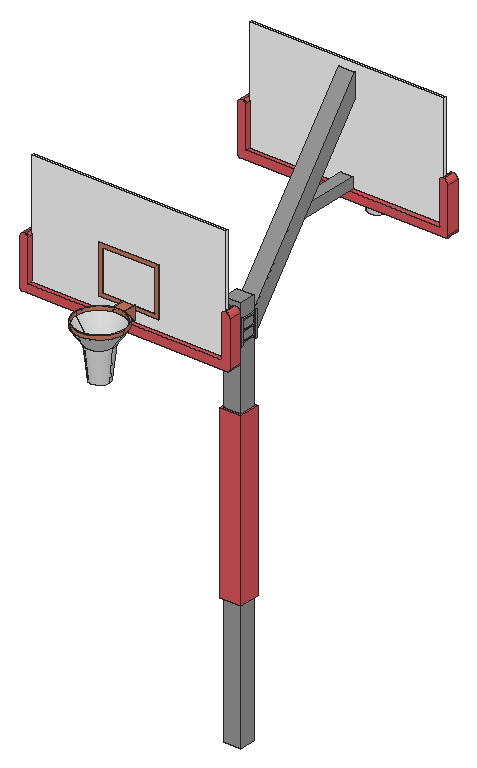
Revit family "Basketball_Backstop-Outdoor-Ultimate_Fixed_Height-IPIbyBison-BA871-72", category Specialty Equipment, Revit 2023
Family settings
  Round Connector Dimension = Use Diameter
  Part Type = Normal
  OmniClass Number = 23.40.50.34.14
  OmniClass Title = Gymnasium Equipment
  Work Plane-Based = No
  Enable Cutting in Views = No
  Always vertical = Yes
  Cut with Voids When Loaded = No
  Maintain Annotation Orientation = No
  Shared = No
  Room Calculation Point = No
Parameters (values of type "BA872XL-BK")
  padding color [instance] = Plastic - IPI by Bison - Scarlet SC
  URL = "https://ipibybison.com/"
  Specification = "https://www.arcat.com/company/ipi-by-bison-38554/spec"
  Product Page URL = "https://www.arcat.com/arcatcos/cos38/arc38554.html"
  Post Height = 8' - 4"
  Post Square Width = 0' - 6"
  Post Material = Steel - Galvanized - Hot Dipped
  Padding Color [instance] = Plastic - IPI by Bison - Scarlet SC
  Padding = Plastic - IPI by Bison - Scarlet SC
  Model = "BA872XL-BK"
  Manufacturer = "IPI by Bison"
  Keynote = "11 66 00"
  Hoop Finish = Powder Coat - IPI by Bison - Outdoor Orange
  Hoop Elevation = 10' - 0"
  Embedding Depth = 4' - 0"
  Double Sided = yes
  Description = "Outdoor Basketball Frame and Backboard Systems"
  Default Elevation = 0' - 0"
  Copyright = "© 2023 ARCAT"  # constant formula
  Category = ""
  CAD Details = "https://www.arcat.com/company/ipi-by-bison-38554/cad"
  Basket Type = "BA39U"
  Basket Netting = Finish - IPI by Bison - White Netting
  Backboard Length = 6' - 0"
  Backboard Height = 3' - 6"
  Backboard Finish = Powder Coat - White
Types (8): name | Padding | Model | Double Sided | Basket Type | Backboard Length
  BA871A-BK | Padding - Black | "BA871A-BK" | no | "BA39U" | 5' - 0"
  BA871A-GV | Plastic - IPI by Bison - Scarlet SC | "BA871A-GV" | no | "BA39U-GV" | 5' - 0"
  BA871-BK | Plastic - IPI by Bison - Scarlet SC | "BA871-BK" | no | "BA39U" | 5' - 0"
  BA872-BK | Plastic - IPI by Bison - Scarlet SC | "BA872-BK" | yes | "BA39U" | 5' - 0"
  BA871XL-BK | Plastic - IPI by Bison - Scarlet SC | "BA871XL-BK" | no | "BA39U" | 6' - 0"
  BA872-GV | Plastic - IPI by Bison - Scarlet SC | "BA872-GV" | yes | "BA39U" | 5' - 0"
  BA872A-BK | Plastic - IPI by Bison - Scarlet SC | "BA872A-BK" | yes | "BA39U" | 5' - 0"
  BA872XL-BK | Plastic - IPI by Bison - Scarlet SC | "BA872XL-BK" | yes | "BA39U" | 6' - 0"
Reference planes (in)
  plane 1 "Center (Front/Back)": y = 0
  plane 2 "Bottom": z = 0
  plane 3 "Center (Left/Right)": x = 0
  plane 4: x = -3
  plane 5: x = 3
  plane 6 "Back": y = 3
  plane 7: y = -3
  plane 8: y = -51
  plane 9: y = -50
  plane 10 "Left": x = -36
  plane 11 "Right": x = 36
  plane 12: z = 114.5
  plane 13: z = 120
  plane 14 "Top": z = 156.5
  plane 15: y = -51.0625
  plane 16: z = 116.75
  plane 17: y = -31.25
  plane 18: y = -33.25
  plane 19: z = -48
  plane 20: z = 100
  plane 21: z = 94.54174
  plane 22: z = 90.80259
  plane 23: z = 87.06343
  plane 24: x = -3.5
  plane 25: x = 3.5
  plane 26 "Board Center": y = -50.5
  plane 27 "Board Center 2": y = 50.5
Forms (in)
  Extrusion 1, solid, material "Powder Coat - IPI by Bison - Outdoor Orange" <- "Hoop Finish"
    sketch origin (0, 0, 0) x (1, 0, 0) y (0, 0, 1)
      loop
        line (-11.25, 118.5) -> (-2.25, 118.5) -> (-2.25, 120) -> (-9.75, 120) -> (-9.75, 135) -> (9.75, 135) -> (9.75, 120) -> (2.25, 120) -> (2.25, 118.5) -> (11.25, 118.5) -> (11.25, 136.5) -> (-11.25, 136.5) -> (-11.25, 118.5)
    from 51 to 51.0625
  Extrusion 2, solid, material "Steel - Galvanized - Hot Dipped" <- "Post Material"
    sketch origin (0, 0, 0) x (1, 0, 0) y (0, 1, 0)
      loop
        line (-3, 3) -> (-3, -3) -> (3, -3) -> (3, 3) -> (-3, 3)
    from -48 to 100
  Extrusion 3, solid, material "Steel - Galvanized - Hot Dipped" <- "Post Material"
    sketch origin (0, 0, 0) x (0, 1, 0) y (0, 0, 1)
      loop
        line (-3, 95.55319) -> (-3.5, 95.55319) -> (-3.5, 86.05198) -> (-3, 86.05198) -> (-3, 95.55319)
      loop
        line (3, 95.55319) -> (3, 86.05198) -> (3.5, 86.05198) -> (3.5, 95.55319) -> (3, 95.55319)
    from -4 to 4
  Extrusion 4, solid, material "Steel - Galvanized - Hot Dipped" <- "Post Material"
    sketch origin (0, 0, 0) x (1, 0, 0) y (0, 0, 1)
      loop
        circle (-3.5, 94.54174) r 0.25
      loop
        circle (-3.5, 87.06343) r 0.25
      loop
        circle (-3.5, 90.80259) r 0.25
      loop
        circle (3.5, 94.54174) r 0.25
      loop
        circle (3.5, 87.06343) r 0.25
      loop
        circle (3.5, 90.80259) r 0.25
    from -3 to 3
  Extrusion 5, solid, material "Plastic - IPI by Bison - Scarlet SC" <- "Padding Color"
    sketch origin (0, 0, 0) x (1, 0, 0) y (0, 1, 0)
      loop
        line (-3, 3) -> (-3, -3) -> (3, -3) -> (3, 3) -> (-3, 3)
      loop
        line (4, 4) -> (-4, 4) -> (-4, -4) -> (4, -4) -> (4, 4)
    from 0 to 63.25
  Extrusion 6, solid, material "Plastic - IPI by Bison - Scarlet SC" <- "padding color"
    sketch origin (0, -50.5, -2.66507) x (-1, 0, 0) y (0, 0, 1)
      loop
        arc (37, 133.52297) -> (36.29289, 133.23008) -> (36, 132.52297) r 1
        line (36, 132.52297) -> (36, 117.16432) -> (-36, 117.16432) -> (-36, 132.52297)
        arc (-36, 132.52297) -> (-36.29289, 133.23008) -> (-37, 133.52297) r 1
        line (-37, 133.52297) -> (-37.27835, 133.52297)
        arc (-37.27835, 133.52297) -> (-38.51579, 133.01041) -> (-39.02835, 131.77297) r 1.75
        line (-39.02835, 131.77297) -> (-39.02835, 115.02297)
        arc (-39.02835, 115.02297) -> (-38.73546, 114.31587) -> (-38.02835, 114.02297) r 1
        line (-38.02835, 114.02297) -> (38, 114.02297)
        arc (38, 114.02297) -> (38.70711, 114.31587) -> (39, 115.02297) r 1
        line (39, 115.02297) -> (39, 131.77297)
        arc (39, 131.77297) -> (38.48744, 133.01041) -> (37.25, 133.52297) r 1.75
        line (37.25, 133.52297) -> (37, 133.52297)
    from -2.18697 to 2.14819
  Extrusion 7, solid, material "Plastic - IPI by Bison - Scarlet SC" <- "padding color", visible <- "Double Sided"
    sketch origin (0, 50.5, 0) x (-1, 0, 0) y (0, 0, 1)
      loop
        arc (37, 130.8579) -> (36.29289, 130.56501) -> (36, 129.8579) r 1
        line (36, 129.8579) -> (36, 114.49925) -> (-36, 114.49925) -> (-36, 129.8579)
        arc (-36, 129.8579) -> (-36.29289, 130.56501) -> (-37, 130.8579) r 1
        line (-37, 130.8579) -> (-37.27835, 130.8579)
        arc (-37.27835, 130.8579) -> (-38.51579, 130.34534) -> (-39.02835, 129.1079) r 1.75
        line (-39.02835, 129.1079) -> (-39.02835, 112.3579)
        arc (-39.02835, 112.3579) -> (-38.73546, 111.65079) -> (-38.02835, 111.3579) r 1
        line (-38.02835, 111.3579) -> (38, 111.3579)
        arc (38, 111.3579) -> (38.70711, 111.65079) -> (39, 112.3579) r 1
        line (39, 112.3579) -> (39, 129.1079)
        arc (39, 129.1079) -> (38.48744, 130.34534) -> (37.25, 130.8579) r 1.75
        line (37.25, 130.8579) -> (37, 130.8579)
    from -2.18697 to 2.14819
Dimensions and locks (in)
  equal spacing: plane 4, plane 3 "Center (Left/Right)", plane 5
  "Post Square Width": plane 4 to plane 5
  equal spacing: plane 6 "Back", plane 1 "Center (Front/Back)", plane 7
  "Post Square Width": plane 6 "Back" to plane 7
  locked: plane 9 to plane 8 at 1
  equal spacing: plane 10 "Left", plane 3 "Center (Left/Right)", plane 11 "Right"
  "Backboard Length": plane 10 "Left" to plane 11 "Right"
  "Hoop Elevation": plane 13 to level
  locked: plane 13 to plane 12 at 5.5
  "Backboard Height": plane 14 "Top" to plane 12
  locked: plane 8 to plane 15 at 0.0625
  locked: plane 16 to plane 12 at 2.25
  locked: plane 17 to plane 18 at 2
  "Embedding Depth": level to plane 19
  "Post Height": plane 20 to level
  locked: plane 7 to Extrusion 3 sketch curve at 0.5
  plane 20 to Extrusion 3 sketch curve = 0' - 4.44681"
  locked: Extrusion 3 sketch curve to Extrusion 3 sketch curve at 9.50121  (x2)
  locked: Extrusion 3 sketch curve to plane 6 "Back" at 0.5
  equal spacing: Extrusion 3, plane 3 "Center (Left/Right)", Extrusion 3
  locked: Extrusion 3 to Extrusion 3 at 8
  locked: plane 4 to plane 24 at 0.5
  locked: plane 5 to plane 25 at 0.5
  locked: plane 20 to plane 21 at 5.45826
  equal spacing: plane 21, plane 22, plane 23
  locked: plane 21 to plane 23 at 7.47831
  locked: plane 17 to plane 7 at 28.25
  locked: plane 18 to plane 9 at 16.75
  locked: Extrusion 5 sketch curve to Extrusion 5 sketch curve at 1  (x4)
  locked: Extrusion 6 sketch curve to Extrusion 6 sketch curve at 3
  locked: Extrusion 6 sketch curve to Extrusion 6 sketch curve at 3.02835
  locked: plane 9 to plane 26 "Board Center" at 0.5
  locked: Extrusion 7 sketch curve to Extrusion 7 sketch curve at 3
  locked: Extrusion 7 sketch curve to Extrusion 7 sketch curve at 3.02835
  aligned and locked: plane 2 "Bottom" to level
  aligned and locked: plane 8 to Extrusion 1
  aligned and locked: Extrusion 1 to plane 15
  aligned and locked: plane 4 to Extrusion 2 sketch curve
  aligned and locked: plane 5 to Extrusion 2 sketch curve
  aligned and locked: Extrusion 2 sketch curve to plane 7
  aligned and locked: Extrusion 2 sketch curve to plane 6 "Back"
  aligned and locked: plane 20 to Extrusion 2
  aligned and locked: Extrusion 2 to plane 19
  aligned and locked: Extrusion 3 sketch curve to plane 7
  aligned and locked: plane 6 "Back" to Extrusion 3 sketch curve
  aligned and locked: plane 24 to Extrusion 4 sketch curve  (x3)
  aligned and locked: plane 25 to Extrusion 4 sketch curve  (x3)
  aligned and locked: plane 21 to Extrusion 4 sketch curve  (x2)
  aligned and locked: plane 22 to Extrusion 4 sketch curve  (x2)
  aligned and locked: plane 23 to Extrusion 4 sketch curve  (x2)
  aligned and locked: plane 6 "Back" to Extrusion 4
  aligned and locked: plane 7 to Extrusion 4
  aligned and locked: nested 1 to plane 3 "Center (Left/Right)"
  aligned and locked: plane 7 to nested 1
  aligned and locked: plane 22 to nested 1
  aligned and locked: nested 2 to plane 22
  aligned and locked: nested 2 to plane 6 "Back"
  aligned and locked: nested 2 to Extrusion 5 sketch curve
  aligned and locked: Extrusion 5 sketch curve to plane 4
  aligned and locked: Extrusion 5 sketch curve to nested 1
  aligned and locked: plane 7 to Extrusion 5 sketch curve
  aligned and locked: Extrusion 6 sketch curve to nested 1
  aligned and locked: nested 1 to Extrusion 6 sketch curve
Automatic sketch dimensions
  Extrusion 1 sketch curve to plane 13 = 0' - 0"  (x2)
  plane 4 to Extrusion 1 sketch curve = 0' - 0 3/4"
  Extrusion 1 sketch curve to Extrusion 1 sketch curve = 0' - 1 1/2"  (x3)
  plane 5 to Extrusion 1 sketch curve = 0' - 0 3/4"
  Extrusion 1 sketch curve to plane 5 = 0' - 6 3/4"
  Extrusion 1 sketch curve to plane 13 = 0' - 1 1/2"  (x2)
  Extrusion 3 sketch curve to Extrusion 3 sketch curve = 0' - 0"
  plane 13 to Extrusion 1 sketch curve = 1' - 3"
  Extrusion 1 sketch curve to plane 24 = 0' - 7 3/4"
  Extrusion 6 sketch curve to Extrusion 6 sketch curve = 0' - 1"
  Extrusion 6 sketch curve to Extrusion 6 sketch curve = 0' - 0.27835"
  Extrusion 6 sketch curve to Extrusion 6 sketch curve = 0' - 2.02835"
  Extrusion 6 sketch curve to plane 10 "Left" = 0' - 1"
  Extrusion 6 sketch curve to Extrusion 6 sketch curve = 0' - 0 1/4"
  Extrusion 6 sketch curve to plane 10 "Left" = 0' - 2"
  Extrusion 6 sketch curve to plane 12 = 0' - 3.1421"
  Extrusion 6 sketch curve to plane 12 = 0' - 0.00075"
  plane 13 to Extrusion 6 sketch curve = 0' - 9.1079"  (x2)
  plane 11 "Right" to Extrusion 7 sketch curve = 0' - 0"
  Extrusion 7 sketch curve to plane 10 "Left" = 0' - 0"
  Extrusion 7 sketch curve to Extrusion 7 sketch curve = 0' - 1"  (x2)
  Extrusion 7 sketch curve to plane 11 "Right" = 0' - 1.27835"
  Extrusion 7 sketch curve to Extrusion 7 sketch curve = 0' - 0.27835"
  Extrusion 7 sketch curve to plane 10 "Left" = 0' - 1"
  Extrusion 7 sketch curve to Extrusion 7 sketch curve = 0' - 0 1/4"
  Extrusion 7 sketch curve to plane 12 = 0' - 3.1421"
  Extrusion 7 sketch curve to plane 12 = 0' - 0.00075"
  plane 13 to Extrusion 7 sketch curve = 0' - 9.1079"  (x2)
  radius of Extrusion 4 sketch curve = 0' - 0 1/4"  (x6)
Nested families (in)
  nested 1: "Backboard-Hoop_Assembly" at (0, -3, 86.05124), Backboard Finish <- "Backboard Finish", Basket Netting <- "Basket Netting", Hoop Finish <- "Hoop Finish", Post Material <- "Post Material", Backboard Height <- "Backboard Height", Backboard Length <- "Backboard Length", type "Family1"
    with Post Material Steel - Galvanized - Hot Dipped, Hoop Finish Powder Coat - IPI by Bison - Outdoor Orange, Basket Netting Finish - IPI by Bison - White Netting, Backboard Length 6' - 0", Backboard Height 3' - 6", Backboard Finish Powder Coat - White
  nested 2: "Backboard-Hoop_Assembly" at (0, 3, 86.05124), Backboard Finish <- "Backboard Finish", Basket Netting <- "Basket Netting", Hoop Finish <- "Hoop Finish", Post Material <- "Post Material", visible <- "Double Sided", Backboard Height <- "Backboard Height", Backboard Length <- "Backboard Length", type "Family1"
    with Post Material Steel - Galvanized - Hot Dipped, Hoop Finish Powder Coat - IPI by Bison - Outdoor Orange, Basket Netting Finish - IPI by Bison - White Netting, Backboard Length 6' - 0", Backboard Height 3' - 6", Backboard Finish Powder Coat - White
Definition of nested family "Backboard-Hoop_Assembly"
  Parameters (values of type "Family1")
    Post Material [instance] = none
    Hoop Finish [instance] = none
    Default Elevation = 0' - 0"
    Basket Netting [instance] = none
    Backboard Length [instance] = 5' - 0"
    Backboard Height [instance] = 3' - 6"
    Backboard Finish [instance] = none
  Reference planes (in)
    plane 1 "Center (Front/Back)": y = 0
    plane 2 "Bottom": z = 0
    plane 3 "Center (Left/Right)": x = 0
    plane 4 "Top": z = 70.44802
    plane 5: y = -48
    plane 6: z = 4.75135
    plane 7: x = -30
    plane 8: x = 30
    plane 9: z = 28.44802
  Forms (in)
    Extrusion 1, solid, material <- "Backboard Finish"
      sketch origin (0, 3, -86.05198) x (1, 0, 0) y (0, 0, 1)
        loop
          line (-30, 114.5) -> (30, 114.5) -> (30, 156.5) -> (-30, 156.5) -> (-30, 114.5)
      from 50 to 51
    Extrusion 2, solid, material <- "Hoop Finish"
      sketch origin (0, 3, -86.05198) x (1, 0, 0) y (0, 0, 1)
        loop
          line (-11.25, 118.5) -> (-2.25, 118.5) -> (-2.25, 120) -> (-9.75, 120) -> (-9.75, 135) -> (9.75, 135) -> (9.75, 120) -> (2.25, 120) -> (2.25, 118.5) -> (11.25, 118.5) -> (11.25, 136.5) -> (-11.25, 136.5) -> (-11.25, 118.5)
      from 51 to 51.0625
    Extrusion 3, solid, material <- "Post Material"
      sketch origin (0, 3, -86.05198) x (0, 1, 0) y (0, 0, 1)
        loop
          line (-50, 114.5) -> (-25.85567, 114.5) -> (-29.06935, 118.5) -> (-50, 118.5) -> (-50, 114.5)
      from -2.25 to 2.25
    Extrusion 4, solid, material <- "Post Material"
      sketch origin (0, 3, -86.05198) x (0, 1, 0) y (0, 0, 1)
        loop
          line (-3, 95) -> (-50, 153.5) -> (-50, 144.55198) -> (-3, 86.05198) -> (-3, 95)
      from -3 to 3
  Dimensions and locks (in)
    locked: Extrusion 4 sketch curve to Extrusion 4 sketch curve at 8.94802  (x2)
    locked: plane 6 to level at 4.75135
    locked: plane 1 "Center (Front/Back)" to plane 5 at 48
    locked: level to plane 4 "Top" at 70.44802
    equal spacing: plane 7, plane 3 "Center (Left/Right)", plane 8
    "Backboard Length": plane 7 to plane 8
    "Backboard Height": plane 4 "Top" to plane 9
    aligned and locked: plane 2 "Bottom" to level
    aligned and locked: Extrusion 4 to plane 1 "Center (Front/Back)"
    aligned and locked: plane 7 to Extrusion 1
    aligned and locked: plane 8 to Extrusion 1
    aligned and locked: Extrusion 1 to plane 4 "Top"
    aligned and locked: plane 9 to Extrusion 1
  Automatic sketch dimensions
    Extrusion 1 sketch curve to plane 4 "Top" = 0' - 0"
    plane 7 to Extrusion 1 sketch curve = 0' - 0"
    Extrusion 1 sketch curve to plane 8 = 0' - 0"
    plane 6 to Extrusion 1 sketch curve = 1' - 11.69666"
    Extrusion 2 sketch curve to plane 3 "Center (Left/Right)" = 0' - 11 1/4"
    Extrusion 2 sketch curve to Extrusion 2 sketch curve = 0' - 1 1/2"  (x5)
    Extrusion 2 sketch curve to plane 3 "Center (Left/Right)" = 0' - 2 1/4"
    plane 3 "Center (Left/Right)" to Extrusion 2 sketch curve = 0' - 2 1/4"
    Extrusion 2 sketch curve to Extrusion 2 sketch curve = 0' - 7 1/2"
    plane 6 to Extrusion 2 sketch curve = 2' - 3.69666"
    Extrusion 2 sketch curve to Extrusion 2 sketch curve = 0' - 0"
    Extrusion 2 sketch curve to Extrusion 2 sketch curve = 1' - 3"
    plane 5 to Extrusion 3 sketch curve = 0' - 1"
    Extrusion 3 sketch curve to Extrusion 3 sketch curve = 1' - 8.93065"
    Extrusion 3 sketch curve to Extrusion 3 sketch curve = 0' - 3.21368"
    plane 6 to Extrusion 3 sketch curve = 1' - 11.69666"
    Extrusion 3 sketch curve to Extrusion 3 sketch curve = 0' - 4"
    Extrusion 4 sketch curve to level = 0' - 0"
    Extrusion 4 sketch curve to plane 1 "Center (Front/Back)" = 0' - 0"
    plane 5 to Extrusion 4 sketch curve = 0' - 1"
    plane 4 "Top" to Extrusion 4 sketch curve = 0' - 11.94802"
  Nested families (in)
    nested 1: "Playground-System_Heavy-Duty-4_1-2in_PR52_Basket" at (0, -48, 33.94802), Frame <- "Hoop Finish", Netting <- "Basket Netting", type "Playground-System_Heavy-Duty-4_1-2in_PR52_Basket"
      with Netting none, Frame none
  Definition of nested family "Playground-System_Heavy-Duty-4_1-2in_PR52_Basket"
    Parameters (values of type "Playground-System_Heavy-Duty-4_1-2in_PR52_Basket")
      Netting [instance] = none
      Frame [instance] = none
      Default Elevation = 0' - 0"
    Reference planes (in)
      plane 1 "Center (Front/Back)": y = 0
      plane 2: z = 0
      plane 3 "Center (Left/Right)": x = 0
      plane 4 "Net": y = -13.5
      plane 5: x = -2.25
      plane 6: x = 2.25
    Forms (in)
      Extrusion 1, solid, material <- "Frame"
        sketch origin (0, 0, 0) x (1, 0, 0) y (0, 1, 0)
          loop
            circle (0, -13.5) r 9
          loop
            circle (0, -13.5) r 8.75
        from -1.38229 to 0
      Extrusion 2, solid, material <- "Frame"
        sketch origin (0, 0, 0) x (0, 1, 0) y (0, 0, 1)
          loop
            line (0, 0) -> (-4.75, 0) -> (-4.75, -1.1813) -> (0, -5.25) -> (0, 0)
        from -2.25 to -2.06458
      Extrusion 3, solid, material <- "Frame"
        sketch origin (0, 0, 0) x (0, 1, 0) y (0, 0, -1)
          loop
            line (0, 0) -> (0, 5.25) -> (-4.75, 1.1813) -> (-4.75, 0) -> (0, 0)
        from -2.25 to -2.06458
      Extrusion 4, solid, material <- "Frame"
        sketch origin (0, 0, 0) x (0, 1, 0) y (0, 0, 1)
          loop
            line (-4.75, 0) -> (-4.75, -0.25) -> (-0.25, -0.25) -> (-0.25, -5.03586) -> (0, -5.25) -> (0, 0) -> (-4.75, 0)
        from -2.06458 to 2.06458
      Revolve 5, solid, material <- "Netting"
        sketch origin (0, -13.5, 0) x (-1, 0, 0) y (0, 0, 1)
          loop
            line (9, -1.38229) -> (8.8474, -1.38229) -> (4.72063, -7.27592) -> (3.4482, -19.38229) -> (3.57389, -19.38229) -> (4.84157, -7.32114) -> (9, -1.38229)
          axis (0, -1.38229) -> (0, -19.38229)
        angle from 0 to 360
    Dimensions and locks (in)
      locked: level to Extrusion 1 at 1.38229
      locked: plane 4 "Net" to plane 1 "Center (Front/Back)" at 13.5
      equal spacing: plane 6, plane 3 "Center (Left/Right)", plane 5
      locked: plane 6 to plane 5 at 4.5
      aligned and locked: plane 2 to level
      aligned and locked: level to Extrusion 1
    Automatic sketch dimensions
      Extrusion 1 sketch curve to Extrusion 1 sketch curve = 0' - 0"  (x2)
      Extrusion 1 sketch curve to plane 3 "Center (Left/Right)" = 0' - 0"
      Extrusion 1 sketch curve to plane 4 "Net" = 0' - 0"
      Revolve 5 sketch curve to plane 3 "Center (Left/Right)" = 0' - 0"
      Revolve 5 sketch curve to plane 5 = 0' - 1.1982"
      Revolve 5 sketch curve to Revolve 5 sketch curve = 0' - 0.12569"
      Revolve 5 sketch curve to plane 5 = 0' - 2.47063"
      Revolve 5 sketch curve to Revolve 5 sketch curve = 0' - 0.12094"
      Revolve 5 sketch curve to level = 0' - 1.38229"  (x2)
      Revolve 5 sketch curve to plane 5 = 0' - 6.5974"
      Revolve 5 sketch curve to Revolve 5 sketch curve = 0' - 0.1526"
      Revolve 5 sketch curve to Revolve 5 sketch curve = 0' - 0.04522"
      Revolve 5 sketch curve to Revolve 5 sketch curve = 1' - 0.06115"
      Revolve 5 sketch curve to Revolve 5 sketch curve = 0' - 1"
      Revolve 5 sketch curve to Revolve 5 sketch curve = 0' - 5.89364"
      Extrusion 2 sketch curve to level = 0' - 0"
      Extrusion 2 sketch curve to plane 1 "Center (Front/Back)" = 0' - 0"
      Extrusion 2 sketch curve to level = 0' - 1.1813"
      plane 1 "Center (Front/Back)" to Extrusion 2 sketch curve = 0' - 4 3/4"
      Extrusion 2 sketch curve to level = 0' - 5 1/4"
      Extrusion 3 sketch curve to level = 0' - 0"
      Extrusion 3 sketch curve to plane 1 "Center (Front/Back)" = 0' - 0"
      Extrusion 3 sketch curve to level = 0' - 1.1813"
      plane 1 "Center (Front/Back)" to Extrusion 3 sketch curve = 0' - 4 3/4"
      Extrusion 3 sketch curve to level = 0' - 5 1/4"
      Extrusion 4 sketch curve to level = 0' - 0"
      Extrusion 4 sketch curve to plane 1 "Center (Front/Back)" = 0' - 0"
      plane 1 "Center (Front/Back)" to Extrusion 4 sketch curve = 0' - 0 1/4"
      Extrusion 4 sketch curve to level = 0' - 0 1/4"
      Extrusion 4 sketch curve to Extrusion 4 sketch curve = 0' - 4 1/2"
      Extrusion 4 sketch curve to Extrusion 4 sketch curve = 0' - 4.78586"
      Extrusion 4 sketch curve to Extrusion 4 sketch curve = 0' - 0.21414"
      radius of Extrusion 1 sketch curve = 0' - 9"
      radius of Extrusion 1 sketch curve = 0' - 8 3/4"
